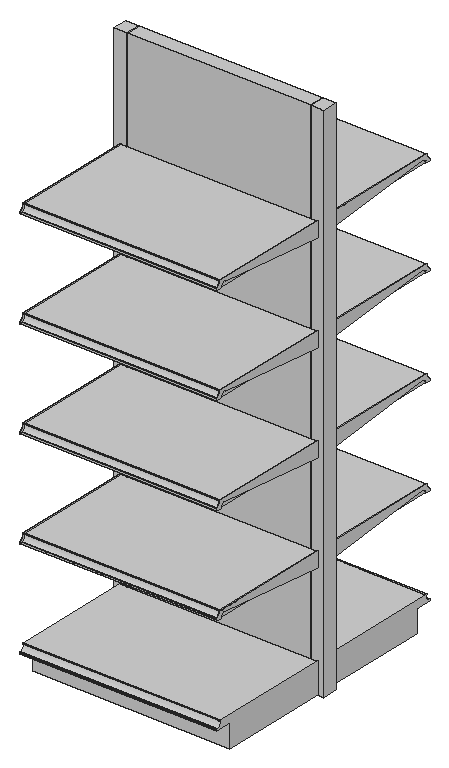
Revit family "ML1", category Specialty Equipment, Revit 2012
Parameters (values of type "Maxi Line Starter (Default)")
  Width = 3' - 0"
  URL = "http://madixinc.com/display/maxiline/core.html"
  Model = "Maxi Line"
  Manufacturer = "© 2012 Madix, Inc. All rights reserved."
  "Front" Base Shelf [instance] = yes
  "Front" Shelf 2' [instance] = yes
  "Front" Shelf 3' - 6" [instance] = yes
  "Front" Shelf 5' [instance] = yes
  "Front" Shelf 6' - 6" [instance] = yes
  "Back" Base Shelf [instance] = yes
  "Back" Shelf 2' [instance] = yes
  "Back" Shelf 3' - 6" [instance] = yes
  "Front" Shelf Depth = 1' - 10"
  "Back" Shelf 5' [instance] = yes
  "Back" Shelf Depth = 1' - 10"
  Upright Height = 8' - 0"
  "Back" Shelf 6' - 6" [instance] = yes
Reference planes (in)
  plane 1 "Center (Front/Back)": y = 0
  plane 2: z = 0
  plane 3 "Center (Left/Right)": x = 0
  plane 4: y = 1.375
  plane 5: y = -1.375
  plane 6: z = 96
  plane 7: z = 0
  plane 8 "1st shelf": z = 23.5
  plane 9 "2nd shelf": z = 41.5
  plane 10 "3rd shelf": z = 59.5
  plane 11 "4th shelf": z = 77.5
  plane 12: y = -24.25
  plane 13: x = -18
  plane 14: x = 18
  plane 15: x = -17.875
  plane 16: x = 17.875
  plane 17: z = 41.5
  plane 18: y = 24.25
  plane 19: y = 23.375
  plane 20: y = -23.375
Forms (in)
  Extrusion 1, solid, material "Metal - Steel"
    sketch origin (-24, 1.375, 0) x (1, 0, 0) y (0, 0, 1)
      loop
        line (6, 0) -> (7.25, 0) -> (42, 0) -> (43.25, 0) -> (43.25, 96) -> (40.75, 96) -> (40.75, 0.03125) -> (40.71924, 0.03125) -> (40.71924, 96) -> (7.2815, 96) -> (7.2815, 0.03125) -> (7.25, 0.03125) -> (7.25, 96) -> (4.75, 96) -> (4.75, 0) -> (6, 0)
    from 0 to 2.75
  Extrusion 2, solid, material "Metal - Steel", visible <- ""Front" Base Shelf"
    sketch origin (0, 0, 0) x (0, 1, 0) y (0, 0, 1)
      loop
        line (-1.375, 0) -> (-1.375, 5.5) -> (-23.375, 5.5) -> (-23.50139, 5.5) -> (-23.50139, 5.375) -> (-23.375, 5.375)
        arc (-23.375, 5.375) -> (-23.63696, 4.73714) -> (-24.125, 4.25) r 1.75
        line (-24.125, 4.25) -> (-24.125, 4.375) -> (-24.25, 4.375) -> (-24.25, 4.25) -> (-24.25, 4.125) -> (-21.375, 4.125) -> (-21.375, 0) -> (-1.375, 0)
    from -18 to 18
  Extrusion 3, solid, material "Metal - Steel", visible <- ""Front" Shelf 2'"
    sketch origin (0, 0, 0) x (0, 1, 0) y (0, 0, 1)
      loop
        line (-1.375, 23.5) -> (-23.5, 23.5) -> (-23.625, 23.5)
        arc (-23.625, 23.5) -> (-23.83033, 22.87796) -> (-24.25, 22.375) r 1.75
        line (-24.25, 22.375) -> (-24.25, 22.125) -> (-23.375, 22.125) -> (-23.375, 22.375) -> (-22.625, 23) -> (-22.375, 23) -> (-22.375, 22.875) -> (-1.375, 20.75) -> (-1.375, 23.5)
      loop
        circle (-20.375, 23) r 0.125
      loop
        circle (-2.5, 23) r 0.125
    from -18 to -17.875
  Extrusion 4, solid, material "Metal - Steel", visible <- ""Front" Shelf 2'"
    sketch origin (0, 0, 0) x (0, 1, 0) y (0, 0, 1)
      loop
        line (-23.5, 23.5) -> (-23.5, 23.375) -> (-23.375, 23.375)
        arc (-23.375, 23.375) -> (-23.58033, 22.75296) -> (-24, 22.25) r 1.75
        line (-24, 22.25) -> (-24, 22.375) -> (-24.125, 22.375) -> (-24.125, 22.125) -> (-23.375, 22.125) -> (-1.375, 22.125) -> (-1.375, 23.5) -> (-23.5, 23.5)
    from -17.875 to 17.875
  Extrusion 5, solid, material "Metal - Steel", visible <- ""Front" Shelf 2'"
    sketch origin (0, 0, 0) x (0, 1, 0) y (0, 0, -1)
      loop
        line (-1.375, -23.5) -> (-1.375, -20.75) -> (-22.375, -22.875) -> (-22.375, -23) -> (-22.625, -23) -> (-23.375, -22.375) -> (-23.375, -22.125) -> (-24.25, -22.125) -> (-24.25, -22.375)
        arc (-24.25, -22.375) -> (-23.83033, -22.87796) -> (-23.625, -23.5) r 1.75
        line (-23.625, -23.5) -> (-23.5, -23.5) -> (-1.375, -23.5)
      loop
        circle (-20.375, -23) r 0.125
      loop
        circle (-2.5, -23) r 0.125
    from -18 to -17.875
  Extrusion 6, solid, material "Metal - Steel", visible <- ""Front" Shelf 3' - 6""
    sketch origin (0, 0, 18) x (0, 1, 0) y (0, 0, 1)
      loop
        line (-1.375, 23.5) -> (-23.5, 23.5) -> (-23.625, 23.5)
        arc (-23.625, 23.5) -> (-23.83033, 22.87796) -> (-24.25, 22.375) r 1.75
        line (-24.25, 22.375) -> (-24.25, 22.125) -> (-23.375, 22.125) -> (-23.375, 22.375) -> (-22.625, 23) -> (-22.375, 23) -> (-22.375, 22.875) -> (-1.375, 20.75) -> (-1.375, 23.5)
      loop
        circle (-20.375, 23) r 0.125
      loop
        circle (-2.5, 23) r 0.125
    from -18 to -17.875
  Extrusion 7, solid, material "Metal - Steel", visible <- ""Front" Shelf 3' - 6""
    sketch origin (0, 0, 18) x (0, 1, 0) y (0, 0, 1)
      loop
        line (-23.5, 23.5) -> (-23.5, 23.375) -> (-23.375, 23.375)
        arc (-23.375, 23.375) -> (-23.58033, 22.75296) -> (-24, 22.25) r 1.75
        line (-24, 22.25) -> (-24, 22.375) -> (-24.25, 22.375) -> (-24.25, 22.125) -> (-23.375, 22.125) -> (-1.375, 22.125) -> (-1.375, 23.5) -> (-23.5, 23.5)
    from -17.875 to 17.875
  Extrusion 8, solid, material "Metal - Steel", visible <- ""Front" Shelf 3' - 6""
    sketch origin (0, 0, 18) x (0, 1, 0) y (0, 0, -1)
      loop
        line (-1.375, -23.5) -> (-1.375, -20.75) -> (-22.375, -22.875) -> (-22.375, -23) -> (-22.625, -23) -> (-23.375, -22.375) -> (-23.375, -22.125) -> (-24.25, -22.125) -> (-24.25, -22.375)
        arc (-24.25, -22.375) -> (-23.83033, -22.87796) -> (-23.625, -23.5) r 1.75
        line (-23.625, -23.5) -> (-23.5, -23.5) -> (-1.375, -23.5)
      loop
        circle (-20.375, -23) r 0.125
      loop
        circle (-2.5, -23) r 0.125
    from -18 to -17.875
  Extrusion 9, solid, material "Metal - Steel", visible <- ""Front" Shelf 5'"
    sketch origin (0, 0, 36) x (0, 1, 0) y (0, 0, 1)
      loop
        line (-1.375, 23.5) -> (-23.5, 23.5) -> (-23.625, 23.5)
        arc (-23.625, 23.5) -> (-23.83033, 22.87796) -> (-24.25, 22.375) r 1.75
        line (-24.25, 22.375) -> (-24.25, 22.125) -> (-23.375, 22.125) -> (-23.375, 22.375) -> (-22.625, 23) -> (-22.375, 23) -> (-22.375, 22.875) -> (-1.375, 20.75) -> (-1.375, 23.5)
      loop
        circle (-20.375, 23) r 0.125
      loop
        circle (-2.5, 23) r 0.125
    from -18 to -17.875
  Extrusion 10, solid, material "Metal - Steel", visible <- ""Front" Shelf 5'"
    sketch origin (0, 0, 36) x (0, 1, 0) y (0, 0, 1)
      loop
        line (-23.5, 23.5) -> (-23.5, 23.375) -> (-23.375, 23.375)
        arc (-23.375, 23.375) -> (-23.58033, 22.75296) -> (-24, 22.25) r 1.75
        line (-24, 22.25) -> (-24, 22.375) -> (-24.25, 22.375) -> (-24.25, 22.125) -> (-23.375, 22.125) -> (-1.375, 22.125) -> (-1.375, 23.5) -> (-23.5, 23.5)
    from -17.875 to 17.875
  Extrusion 11, solid, material "Metal - Steel", visible <- ""Front" Shelf 5'"
    sketch origin (0, 0, 36) x (0, 1, 0) y (0, 0, -1)
      loop
        line (-1.375, -23.5) -> (-1.375, -20.75) -> (-22.375, -22.875) -> (-22.375, -23) -> (-22.625, -23) -> (-23.375, -22.375) -> (-23.375, -22.125) -> (-24.25, -22.125) -> (-24.25, -22.375)
        arc (-24.25, -22.375) -> (-23.83033, -22.87796) -> (-23.625, -23.5) r 1.75
        line (-23.625, -23.5) -> (-23.5, -23.5) -> (-1.375, -23.5)
      loop
        circle (-20.375, -23) r 0.125
      loop
        circle (-2.5, -23) r 0.125
    from -18 to -17.875
  Extrusion 12, solid, material "Metal - Steel", visible <- ""Front" Shelf 6' - 6""
    sketch origin (0, 0, 54) x (0, 1, 0) y (0, 0, 1)
      loop
        line (-1.375, 23.5) -> (-23.5, 23.5) -> (-23.625, 23.5)
        arc (-23.625, 23.5) -> (-23.83033, 22.87796) -> (-24.25, 22.375) r 1.75
        line (-24.25, 22.375) -> (-24.25, 22.125) -> (-23.375, 22.125) -> (-23.375, 22.375) -> (-22.625, 23) -> (-22.375, 23) -> (-22.375, 22.875) -> (-1.375, 20.75) -> (-1.375, 23.5)
      loop
        circle (-20.375, 23) r 0.125
      loop
        circle (-2.5, 23) r 0.125
    from -18 to -17.875
  Extrusion 13, solid, material "Metal - Steel", visible <- ""Front" Shelf 6' - 6""
    sketch origin (0, 0, 54) x (0, 1, 0) y (0, 0, 1)
      loop
        line (-23.5, 23.5) -> (-23.5, 23.375) -> (-23.375, 23.375)
        arc (-23.375, 23.375) -> (-23.58033, 22.75296) -> (-24, 22.25) r 1.75
        line (-24, 22.25) -> (-24, 22.375) -> (-24.25, 22.375) -> (-24.25, 22.125) -> (-23.375, 22.125) -> (-1.375, 22.125) -> (-1.375, 23.5) -> (-23.5, 23.5)
    from -17.875 to 17.875
  Extrusion 14, solid, material "Metal - Steel", visible <- ""Front" Shelf 6' - 6""
    sketch origin (0, 0, 54) x (0, 1, 0) y (0, 0, -1)
      loop
        line (-1.375, -23.5) -> (-1.375, -20.75) -> (-22.375, -22.875) -> (-22.375, -23) -> (-22.625, -23) -> (-23.375, -22.375) -> (-23.375, -22.125) -> (-24.25, -22.125) -> (-24.25, -22.375)
        arc (-24.25, -22.375) -> (-23.83033, -22.87796) -> (-23.625, -23.5) r 1.75
        line (-23.625, -23.5) -> (-23.5, -23.5) -> (-1.375, -23.5)
      loop
        circle (-20.375, -23) r 0.125
      loop
        circle (-2.5, -23) r 0.125
    from -18 to -17.875
  Extrusion 15, solid, material "Metal - Steel", visible <- ""Back" Base Shelf"
    sketch origin (0, 0, 0) x (0, -1, 0) y (0, 0, -1)
      loop
        line (-1.375, 0) -> (-21.375, 0) -> (-21.375, -4.125) -> (-24.25, -4.125) -> (-24.25, -4.25) -> (-24.25, -4.375) -> (-24.125, -4.375) -> (-24.125, -4.25)
        arc (-24.125, -4.25) -> (-23.63696, -4.73714) -> (-23.375, -5.375) r 1.75
        line (-23.375, -5.375) -> (-23.50139, -5.375) -> (-23.50139, -5.5) -> (-23.375, -5.5) -> (-1.375, -5.5) -> (-1.375, 0)
    from -18 to 18
  Extrusion 16, solid, material "Metal - Steel", visible <- ""Back" Shelf 2'"
    sketch origin (0, 0, 0) x (0, -1, 0) y (0, 0, -1)
      loop
        line (-1.375, -23.5) -> (-1.375, -20.75) -> (-22.375, -22.875) -> (-22.375, -23) -> (-22.625, -23) -> (-23.375, -22.375) -> (-23.375, -22.125) -> (-24.25, -22.125) -> (-24.25, -22.375)
        arc (-24.25, -22.375) -> (-23.83033, -22.87796) -> (-23.625, -23.5) r 1.75
        line (-23.625, -23.5) -> (-23.5, -23.5) -> (-1.375, -23.5)
      loop
        circle (-20.375, -23) r 0.125
      loop
        circle (-2.5, -23) r 0.125
    from -18 to -17.875
  Extrusion 17, solid, material "Metal - Steel", visible <- ""Back" Shelf 2'"
    sketch origin (0, 0, 0) x (0, -1, 0) y (0, 0, -1)
      loop
        line (-23.5, -23.5) -> (-1.375, -23.5) -> (-1.375, -22.125) -> (-23.375, -22.125) -> (-24.125, -22.125) -> (-24.125, -22.375) -> (-24, -22.375) -> (-24, -22.25)
        arc (-24, -22.25) -> (-23.58033, -22.75296) -> (-23.375, -23.375) r 1.75
        line (-23.375, -23.375) -> (-23.5, -23.375) -> (-23.5, -23.5)
    from -17.875 to 17.875
  Extrusion 18, solid, material "Metal - Steel", visible <- ""Back" Shelf 2'"
    sketch origin (0, 0, 0) x (0, -1, 0) y (0, 0, 1)
      loop
        line (-1.375, 23.5) -> (-23.5, 23.5) -> (-23.625, 23.5)
        arc (-23.625, 23.5) -> (-23.83033, 22.87796) -> (-24.25, 22.375) r 1.75
        line (-24.25, 22.375) -> (-24.25, 22.125) -> (-23.375, 22.125) -> (-23.375, 22.375) -> (-22.625, 23) -> (-22.375, 23) -> (-22.375, 22.875) -> (-1.375, 20.75) -> (-1.375, 23.5)
      loop
        circle (-20.375, 23) r 0.125
      loop
        circle (-2.5, 23) r 0.125
    from -18 to -17.875
  Extrusion 19, solid, material "Metal - Steel", visible <- ""Back" Shelf 3' - 6""
    sketch origin (0, 0, 18) x (0, -1, 0) y (0, 0, -1)
      loop
        line (-1.375, -23.5) -> (-1.375, -20.75) -> (-22.375, -22.875) -> (-22.375, -23) -> (-22.625, -23) -> (-23.375, -22.375) -> (-23.375, -22.125) -> (-24.25, -22.125) -> (-24.25, -22.375)
        arc (-24.25, -22.375) -> (-23.83033, -22.87796) -> (-23.625, -23.5) r 1.75
        line (-23.625, -23.5) -> (-23.5, -23.5) -> (-1.375, -23.5)
      loop
        circle (-20.375, -23) r 0.125
      loop
        circle (-2.5, -23) r 0.125
    from -18 to -17.875
  Extrusion 20, solid, material "Metal - Steel", visible <- ""Back" Shelf 3' - 6""
    sketch origin (0, 0, 18) x (0, -1, 0) y (0, 0, -1)
      loop
        line (-23.5, -23.5) -> (-1.375, -23.5) -> (-1.375, -22.125) -> (-23.375, -22.125) -> (-24.25, -22.125) -> (-24.25, -22.375) -> (-24, -22.375) -> (-24, -22.25)
        arc (-24, -22.25) -> (-23.58033, -22.75296) -> (-23.375, -23.375) r 1.75
        line (-23.375, -23.375) -> (-23.5, -23.375) -> (-23.5, -23.5)
    from -17.875 to 17.875
  Extrusion 21, solid, material "Metal - Steel", visible <- ""Back" Shelf 3' - 6""
    sketch origin (0, 0, 18) x (0, -1, 0) y (0, 0, 1)
      loop
        line (-1.375, 23.5) -> (-23.5, 23.5) -> (-23.625, 23.5)
        arc (-23.625, 23.5) -> (-23.83033, 22.87796) -> (-24.25, 22.375) r 1.75
        line (-24.25, 22.375) -> (-24.25, 22.125) -> (-23.375, 22.125) -> (-23.375, 22.375) -> (-22.625, 23) -> (-22.375, 23) -> (-22.375, 22.875) -> (-1.375, 20.75) -> (-1.375, 23.5)
      loop
        circle (-20.375, 23) r 0.125
      loop
        circle (-2.5, 23) r 0.125
    from -18 to -17.875
  Extrusion 22, solid, material "Metal - Steel", visible <- ""Back" Shelf 5'"
    sketch origin (0, 0, 36) x (0, -1, 0) y (0, 0, -1)
      loop
        line (-1.375, -23.5) -> (-1.375, -20.75) -> (-22.375, -22.875) -> (-22.375, -23) -> (-22.625, -23) -> (-23.375, -22.375) -> (-23.375, -22.125) -> (-24.25, -22.125) -> (-24.25, -22.375)
        arc (-24.25, -22.375) -> (-23.83033, -22.87796) -> (-23.625, -23.5) r 1.75
        line (-23.625, -23.5) -> (-23.5, -23.5) -> (-1.375, -23.5)
      loop
        circle (-20.375, -23) r 0.125
      loop
        circle (-2.5, -23) r 0.125
    from -18 to -17.875
  Extrusion 23, solid, material "Metal - Steel", visible <- ""Back" Shelf 5'"
    sketch origin (0, 0, 36) x (0, -1, 0) y (0, 0, -1)
      loop
        line (-23.5, -23.5) -> (-1.375, -23.5) -> (-1.375, -22.125) -> (-23.375, -22.125) -> (-24.25, -22.125) -> (-24.25, -22.375) -> (-24, -22.375) -> (-24, -22.25)
        arc (-24, -22.25) -> (-23.58033, -22.75296) -> (-23.375, -23.375) r 1.75
        line (-23.375, -23.375) -> (-23.5, -23.375) -> (-23.5, -23.5)
    from -17.875 to 17.875
  Extrusion 24, solid, material "Metal - Steel", visible <- ""Back" Shelf 5'"
    sketch origin (0, 0, 36) x (0, -1, 0) y (0, 0, 1)
      loop
        line (-1.375, 23.5) -> (-23.5, 23.5) -> (-23.625, 23.5)
        arc (-23.625, 23.5) -> (-23.83033, 22.87796) -> (-24.25, 22.375) r 1.75
        line (-24.25, 22.375) -> (-24.25, 22.125) -> (-23.375, 22.125) -> (-23.375, 22.375) -> (-22.625, 23) -> (-22.375, 23) -> (-22.375, 22.875) -> (-1.375, 20.75) -> (-1.375, 23.5)
      loop
        circle (-20.375, 23) r 0.125
      loop
        circle (-2.5, 23) r 0.125
    from -18 to -17.875
  Extrusion 25, solid, material "Metal - Steel", visible <- ""Back" Shelf 6' - 6""
    sketch origin (0, 0, 54) x (0, -1, 0) y (0, 0, -1)
      loop
        line (-1.375, -23.5) -> (-1.375, -20.75) -> (-22.375, -22.875) -> (-22.375, -23) -> (-22.625, -23) -> (-23.375, -22.375) -> (-23.375, -22.125) -> (-24.25, -22.125) -> (-24.25, -22.375)
        arc (-24.25, -22.375) -> (-23.83033, -22.87796) -> (-23.625, -23.5) r 1.75
        line (-23.625, -23.5) -> (-23.5, -23.5) -> (-1.375, -23.5)
      loop
        circle (-20.375, -23) r 0.125
      loop
        circle (-2.5, -23) r 0.125
    from -18 to -17.875
  Extrusion 26, solid, material "Metal - Steel", visible <- ""Back" Shelf 6' - 6""
    sketch origin (0, 0, 54) x (0, -1, 0) y (0, 0, -1)
      loop
        line (-23.5, -23.5) -> (-1.375, -23.5) -> (-1.375, -22.125) -> (-23.375, -22.125) -> (-24.25, -22.125) -> (-24.25, -22.375) -> (-24, -22.375) -> (-24, -22.25)
        arc (-24, -22.25) -> (-23.58033, -22.75296) -> (-23.375, -23.375) r 1.75
        line (-23.375, -23.375) -> (-23.5, -23.375) -> (-23.5, -23.5)
    from -17.875 to 17.875
  Extrusion 27, solid, material "Metal - Steel", visible <- ""Back" Shelf 6' - 6""
    sketch origin (0, 0, 54) x (0, -1, 0) y (0, 0, 1)
      loop
        line (-1.375, 23.5) -> (-23.5, 23.5) -> (-23.625, 23.5)
        arc (-23.625, 23.5) -> (-23.83033, 22.87796) -> (-24.25, 22.375) r 1.75
        line (-24.25, 22.375) -> (-24.25, 22.125) -> (-23.375, 22.125) -> (-23.375, 22.375) -> (-22.625, 23) -> (-22.375, 23) -> (-22.375, 22.875) -> (-1.375, 20.75) -> (-1.375, 23.5)
      loop
        circle (-20.375, 23) r 0.125
      loop
        circle (-2.5, 23) r 0.125
    from -18 to -17.875
Lines and regions (in)
  Split face 1
    outline origin (-24, -1.375, 0) x (1, 0, 0) y (0, 0, 1)
      loop
        line (7.2815, 96) -> (7.2815, 0.03125) -> (40.71924, 0.03125) -> (40.71924, 96)
  Split face 2
    outline origin (-24, 1.375, 0) x (1, 0, 0) y (0, 0, 1)
      loop
        line (40.71924, 96) -> (40.71924, 0.03125) -> (7.2815, 0.03125) -> (7.2815, 96)
  reference lines
    curve 1: line (-16.75, 0, 59.5) -> (16.71875, 0, 59.5)
    curve 2: line (16.71875, 0, 77.5) -> (-16.71875, 0, 77.5)
Dimensions and locks (in)
  "Upright Height": plane 6 to level
  ""Front" Shelf Depth": plane 20 to plane 5
  equal spacing: plane 13, plane 3 "Center (Left/Right)", plane 14
  "Width": plane 13 to plane 14
  locked: plane 13 to plane 15 at 0.125
  locked: plane 16 to plane 14 at 0.125
  ""Back" Shelf Depth": plane 4 to plane 19
  locked: plane 19 to plane 18 at 0.875
  locked: plane 20 to plane 12 at 0.875
  aligned and locked: level to plane 2
  aligned and locked: plane 12 to Extrusion 2
  aligned and locked: Extrusion 2 to plane 5
  aligned and locked: plane 13 to Extrusion 2
  aligned and locked: plane 14 to Extrusion 2
  aligned and locked: Extrusion 4 to Extrusion 5
  aligned and locked: Extrusion 3 to Extrusion 2
  aligned and locked: Extrusion 3 to plane 15
  aligned and locked: Extrusion 4 to Extrusion 3
  aligned and locked: Extrusion 5 to Extrusion 2
  aligned and locked: plane 16 to Extrusion 5
  aligned and locked: Extrusion 7 to Extrusion 8
  aligned and locked: Extrusion 7 to Extrusion 6
  aligned and locked: Extrusion 6 to Extrusion 3
  aligned and locked: Extrusion 8 to Extrusion 4
  aligned and locked: Extrusion 8 to Extrusion 2
  aligned and locked: Extrusion 2 to Extrusion 7
  aligned and locked: Extrusion 6 to plane 15
  aligned and locked: Extrusion 6 to Extrusion 2
  aligned and locked: Extrusion 10 to Extrusion 11
  aligned and locked: Extrusion 10 to Extrusion 9
  aligned and locked: Extrusion 9 to Extrusion 3
  aligned and locked: Extrusion 2 to Extrusion 10
  aligned and locked: Extrusion 11 to Extrusion 2
  aligned and locked: Extrusion 11 to Extrusion 4
  aligned and locked: Extrusion 9 to Extrusion 2
  aligned and locked: Extrusion 13 to Extrusion 14
  aligned and locked: Extrusion 13 to Extrusion 12
  aligned and locked: Extrusion 12 to Extrusion 2
  aligned and locked: Extrusion 12 to Extrusion 3
  aligned and locked: Extrusion 2 to Extrusion 13
  aligned and locked: Extrusion 14 to Extrusion 2
  aligned and locked: Extrusion 14 to Extrusion 4
  aligned and locked: Extrusion 15 to Extrusion 2
  aligned and locked: Extrusion 2 to Extrusion 15
  aligned and locked: plane 13 to Extrusion 15
  aligned and locked: Extrusion 18 to Extrusion 17
  aligned and locked: Extrusion 16 to Extrusion 17
  aligned and locked: Extrusion 15 to plane 18
  aligned and locked: plane 15 to Extrusion 16
  aligned and locked: Extrusion 18 to Extrusion 4
  aligned and locked: Extrusion 16 to Extrusion 2
  aligned and locked: Extrusion 21 to Extrusion 20
  aligned and locked: Extrusion 19 to Extrusion 20
  aligned and locked: Extrusion 15 to Extrusion 20
  aligned and locked: plane 15 to Extrusion 19
  aligned and locked: plane 13 to Extrusion 19
  aligned and locked: Extrusion 21 to plane 14
  aligned and locked: Extrusion 21 to plane 16
  aligned and locked: Extrusion 24 to Extrusion 23
  aligned and locked: Extrusion 22 to Extrusion 23
  aligned and locked: Extrusion 15 to Extrusion 23
  aligned and locked: Extrusion 24 to plane 16
  aligned and locked: Extrusion 24 to plane 14
  aligned and locked: plane 15 to Extrusion 22
  aligned and locked: plane 13 to Extrusion 22
  aligned and locked: Extrusion 27 to Extrusion 26
  aligned and locked: Extrusion 25 to Extrusion 26
  aligned and locked: Extrusion 15 to Extrusion 26
  aligned and locked: plane 13 to Extrusion 25
  aligned and locked: plane 15 to Extrusion 25
  aligned and locked: Extrusion 27 to plane 14
  aligned and locked: Extrusion 27 to plane 16
  aligned and locked: Extrusion 1 to plane 6  (x2)
  aligned and locked: plane 19 to Extrusion 15
  aligned and locked: plane 20 to Extrusion 2
Automatic sketch dimensions
  curve 1 to plane 10 "3rd shelf" = 0' - 0"
  curve 2 to plane 11 "4th shelf" = 0' - 0"
  plane 15 to curve 1 = 0' - 1 1/8"
  plane 15 to curve 2 = 0' - 1 5/32"
  plane 16 to curve 2 = 0' - 1 5/32"
  plane 16 to curve 1 = 0' - 1 5/32"
  Extrusion 2 sketch curve to plane 12 = 0' - 0"
  Extrusion 2 sketch curve to level = 0' - 0"
  Extrusion 2 sketch curve to plane 5 = 0' - 0"
  Extrusion 2 sketch curve to plane 12 = 0' - 0.84305"
  plane 12 to Extrusion 2 sketch curve = 0' - 0 1/8"
  plane 12 to Extrusion 2 sketch curve = 0' - 0.74861"
  Extrusion 2 sketch curve to Extrusion 2 sketch curve = 0' - 0.12639"
  Extrusion 2 sketch curve to Extrusion 2 sketch curve = 0' - 0"
  plane 12 to Extrusion 2 sketch curve = 0' - 2 7/8"
  level to Extrusion 2 sketch curve = 0' - 4 1/8"
  Extrusion 2 sketch curve to Extrusion 2 sketch curve = 0' - 0 1/8"  (x4)
  Extrusion 2 sketch curve to Extrusion 2 sketch curve = 0' - 1"
  Extrusion 3 sketch curve to plane 12 = 0' - 0"
  Extrusion 3 sketch curve to plane 8 "1st shelf" = 0' - 0"
  Extrusion 3 sketch curve to plane 5 = 0' - 0"
  plane 8 "1st shelf" to Extrusion 3 sketch curve = 0' - 0.22784"
  Extrusion 3 sketch curve to plane 12 = 0' - 1.11011"
  plane 12 to Extrusion 3 sketch curve = 0' - 0 5/8"
  Extrusion 3 sketch curve to Extrusion 3 sketch curve = 0' - 0 1/8"  (x2)
  plane 12 to Extrusion 3 sketch curve = 0' - 0 7/8"
  Extrusion 3 sketch curve to Extrusion 3 sketch curve = 0' - 0 3/4"
  Extrusion 3 sketch curve to Extrusion 3 sketch curve = 0' - 0 1/4"  (x2)
  Extrusion 3 sketch curve to plane 8 "1st shelf" = 0' - 0 1/2"  (x2)
  Extrusion 3 sketch curve to Extrusion 3 sketch curve = 0' - 2"
  plane 5 to Extrusion 3 sketch curve = 0' - 1 1/8"
  Extrusion 3 sketch curve to Extrusion 3 sketch curve = 0' - 0"
  Extrusion 3 sketch curve to Extrusion 3 sketch curve = 0' - 2 1/4"
  Extrusion 3 sketch curve to plane 8 "1st shelf" = 0' - 0 5/8"
  Extrusion 4 sketch curve to plane 8 "1st shelf" = 0' - 0"
  Extrusion 4 sketch curve to plane 5 = 0' - 0"
  plane 12 to Extrusion 4 sketch curve = 0' - 0 7/8"  (x2)
  Extrusion 4 sketch curve to plane 8 "1st shelf" = 0' - 0 1/8"
  Extrusion 4 sketch curve to Extrusion 4 sketch curve = 0' - 0 1/8"  (x3)
  plane 12 to Extrusion 4 sketch curve = 0' - 0 1/4"
  plane 12 to Extrusion 4 sketch curve = 0' - 0 1/8"
  plane 8 "1st shelf" to Extrusion 4 sketch curve = 0' - 0.10284"
  Extrusion 4 sketch curve to plane 12 = 0' - 0.86011"
  Extrusion 5 sketch curve to plane 12 = 0' - 0"
  Extrusion 5 sketch curve to plane 8 "1st shelf" = 0' - 0"
  Extrusion 5 sketch curve to plane 5 = 0' - 0"
  plane 8 "1st shelf" to Extrusion 5 sketch curve = 0' - 0.22784"
  Extrusion 5 sketch curve to plane 12 = 0' - 1.11011"
  plane 12 to Extrusion 5 sketch curve = 0' - 0 5/8"
  Extrusion 5 sketch curve to Extrusion 5 sketch curve = 0' - 0 1/8"  (x2)
  plane 12 to Extrusion 5 sketch curve = 0' - 0 7/8"
  Extrusion 5 sketch curve to Extrusion 5 sketch curve = 0' - 0 3/4"
  Extrusion 5 sketch curve to Extrusion 5 sketch curve = 0' - 0 1/4"  (x2)
  Extrusion 5 sketch curve to plane 8 "1st shelf" = 0' - 0 1/2"  (x3)
  Extrusion 5 sketch curve to Extrusion 5 sketch curve = 0' - 2"
  plane 5 to Extrusion 5 sketch curve = 0' - 1 1/8"
  Extrusion 5 sketch curve to Extrusion 5 sketch curve = 0' - 0"
  Extrusion 5 sketch curve to Extrusion 5 sketch curve = 0' - 2 1/4"
  Extrusion 6 sketch curve to plane 12 = 0' - 0"
  Extrusion 6 sketch curve to plane 9 "2nd shelf" = 0' - 0"
  Extrusion 6 sketch curve to plane 5 = 0' - 0"
  plane 9 "2nd shelf" to Extrusion 6 sketch curve = 0' - 0.22784"
  Extrusion 6 sketch curve to plane 12 = 0' - 1.11011"
  plane 12 to Extrusion 6 sketch curve = 0' - 0 5/8"
  Extrusion 6 sketch curve to Extrusion 6 sketch curve = 0' - 0 1/8"  (x2)
  plane 12 to Extrusion 6 sketch curve = 0' - 0 7/8"
  Extrusion 6 sketch curve to Extrusion 6 sketch curve = 0' - 0 3/4"
  Extrusion 6 sketch curve to Extrusion 6 sketch curve = 0' - 0 1/4"  (x2)
  Extrusion 6 sketch curve to plane 9 "2nd shelf" = 0' - 0 1/2"  (x2)
  Extrusion 6 sketch curve to Extrusion 6 sketch curve = 0' - 2"
  plane 5 to Extrusion 6 sketch curve = 0' - 1 1/8"
  Extrusion 6 sketch curve to Extrusion 6 sketch curve = 0' - 0"
  Extrusion 6 sketch curve to Extrusion 6 sketch curve = 0' - 2 1/4"
  Extrusion 6 sketch curve to plane 9 "2nd shelf" = 0' - 0 5/8"
  Extrusion 7 sketch curve to plane 12 = 0' - 0"
  Extrusion 7 sketch curve to plane 9 "2nd shelf" = 0' - 0"
  Extrusion 7 sketch curve to plane 5 = 0' - 0"
  plane 9 "2nd shelf" to Extrusion 7 sketch curve = 0' - 0.10284"
  Extrusion 7 sketch curve to plane 12 = 0' - 0.86011"
  plane 12 to Extrusion 7 sketch curve = 0' - 0 1/4"
  plane 12 to Extrusion 7 sketch curve = 0' - 0 3/4"
  Extrusion 7 sketch curve to Extrusion 7 sketch curve = 0' - 0 5/8"
  Extrusion 7 sketch curve to Extrusion 7 sketch curve = 0' - 0 1/8"  (x2)
  Extrusion 7 sketch curve to plane 9 "2nd shelf" = 0' - 0 1/8"
  Extrusion 7 sketch curve to Extrusion 7 sketch curve = 0' - 0 1/4"
  Extrusion 8 sketch curve to plane 12 = 0' - 0"
  Extrusion 8 sketch curve to plane 9 "2nd shelf" = 0' - 0"
  Extrusion 8 sketch curve to plane 5 = 0' - 0"
  plane 9 "2nd shelf" to Extrusion 8 sketch curve = 0' - 0.22784"
  Extrusion 8 sketch curve to plane 12 = 0' - 1.11011"
  plane 12 to Extrusion 8 sketch curve = 0' - 0 5/8"
  Extrusion 8 sketch curve to Extrusion 8 sketch curve = 0' - 0 1/8"  (x2)
  plane 12 to Extrusion 8 sketch curve = 0' - 0 7/8"
  Extrusion 8 sketch curve to Extrusion 8 sketch curve = 0' - 0 3/4"
  Extrusion 8 sketch curve to Extrusion 8 sketch curve = 0' - 0 1/4"  (x2)
  Extrusion 8 sketch curve to plane 9 "2nd shelf" = 0' - 0 1/2"  (x3)
  Extrusion 8 sketch curve to Extrusion 8 sketch curve = 0' - 2"
  plane 5 to Extrusion 8 sketch curve = 0' - 1 1/8"
  Extrusion 8 sketch curve to Extrusion 8 sketch curve = 0' - 0"
  Extrusion 8 sketch curve to Extrusion 8 sketch curve = 0' - 2 1/4"
  Extrusion 9 sketch curve to plane 12 = 0' - 0"
  Extrusion 9 sketch curve to plane 10 "3rd shelf" = 0' - 0"
  Extrusion 9 sketch curve to plane 5 = 0' - 0"
  plane 10 "3rd shelf" to Extrusion 9 sketch curve = 0' - 0.22784"
  Extrusion 9 sketch curve to plane 12 = 0' - 1.11011"
  plane 12 to Extrusion 9 sketch curve = 0' - 0 5/8"
  Extrusion 9 sketch curve to Extrusion 9 sketch curve = 0' - 0 1/8"  (x2)
  plane 12 to Extrusion 9 sketch curve = 0' - 0 7/8"
  Extrusion 9 sketch curve to Extrusion 9 sketch curve = 0' - 0 3/4"
  Extrusion 9 sketch curve to Extrusion 9 sketch curve = 0' - 0 1/4"  (x2)
  Extrusion 9 sketch curve to plane 10 "3rd shelf" = 0' - 0 1/2"  (x2)
  Extrusion 9 sketch curve to Extrusion 9 sketch curve = 0' - 2"
  plane 5 to Extrusion 9 sketch curve = 0' - 1 1/8"
  Extrusion 9 sketch curve to Extrusion 9 sketch curve = 0' - 0"
  Extrusion 9 sketch curve to Extrusion 9 sketch curve = 0' - 2 1/4"
  Extrusion 9 sketch curve to plane 10 "3rd shelf" = 0' - 0 5/8"
  Extrusion 10 sketch curve to plane 12 = 0' - 0"
  Extrusion 10 sketch curve to plane 10 "3rd shelf" = 0' - 0"
  Extrusion 10 sketch curve to plane 5 = 0' - 0"
  plane 10 "3rd shelf" to Extrusion 10 sketch curve = 0' - 0.10284"
  Extrusion 10 sketch curve to plane 12 = 0' - 0.86011"
  plane 12 to Extrusion 10 sketch curve = 0' - 0 1/4"
  plane 12 to Extrusion 10 sketch curve = 0' - 0 3/4"
  Extrusion 10 sketch curve to Extrusion 10 sketch curve = 0' - 0 5/8"
  Extrusion 10 sketch curve to Extrusion 10 sketch curve = 0' - 0 1/8"  (x2)
  Extrusion 10 sketch curve to plane 10 "3rd shelf" = 0' - 0 1/8"
  Extrusion 10 sketch curve to Extrusion 10 sketch curve = 0' - 0 1/4"
  Extrusion 11 sketch curve to plane 12 = 0' - 0"
  Extrusion 11 sketch curve to plane 10 "3rd shelf" = 0' - 0"
  Extrusion 11 sketch curve to plane 5 = 0' - 0"
  plane 10 "3rd shelf" to Extrusion 11 sketch curve = 0' - 0.22784"
  Extrusion 11 sketch curve to plane 12 = 0' - 1.11011"
  plane 12 to Extrusion 11 sketch curve = 0' - 0 5/8"
  Extrusion 11 sketch curve to Extrusion 11 sketch curve = 0' - 0 1/8"  (x2)
  plane 12 to Extrusion 11 sketch curve = 0' - 0 7/8"
  Extrusion 11 sketch curve to Extrusion 11 sketch curve = 0' - 0 3/4"
  Extrusion 11 sketch curve to Extrusion 11 sketch curve = 0' - 0 1/4"  (x2)
  Extrusion 11 sketch curve to plane 10 "3rd shelf" = 0' - 0 1/2"  (x3)
  Extrusion 11 sketch curve to Extrusion 11 sketch curve = 0' - 2"
  plane 5 to Extrusion 11 sketch curve = 0' - 1 1/8"
  Extrusion 11 sketch curve to Extrusion 11 sketch curve = 0' - 0"
  Extrusion 11 sketch curve to Extrusion 11 sketch curve = 0' - 2 1/4"
  Extrusion 12 sketch curve to plane 12 = 0' - 0"
  Extrusion 12 sketch curve to plane 11 "4th shelf" = 0' - 0"
  Extrusion 12 sketch curve to plane 5 = 0' - 0"
  plane 11 "4th shelf" to Extrusion 12 sketch curve = 0' - 0.22784"
  Extrusion 12 sketch curve to plane 12 = 0' - 1.11011"
  plane 12 to Extrusion 12 sketch curve = 0' - 0 5/8"
  Extrusion 12 sketch curve to Extrusion 12 sketch curve = 0' - 0 1/8"  (x2)
  plane 12 to Extrusion 12 sketch curve = 0' - 0 7/8"
  Extrusion 12 sketch curve to Extrusion 12 sketch curve = 0' - 0 3/4"
  Extrusion 12 sketch curve to Extrusion 12 sketch curve = 0' - 0 1/4"  (x2)
  Extrusion 12 sketch curve to plane 11 "4th shelf" = 0' - 0 1/2"  (x2)
  Extrusion 12 sketch curve to Extrusion 12 sketch curve = 0' - 2"
  plane 5 to Extrusion 12 sketch curve = 0' - 1 1/8"
  Extrusion 12 sketch curve to Extrusion 12 sketch curve = 0' - 0"
  Extrusion 12 sketch curve to Extrusion 12 sketch curve = 0' - 2 1/4"
  Extrusion 12 sketch curve to plane 11 "4th shelf" = 0' - 0 5/8"
  Extrusion 13 sketch curve to plane 12 = 0' - 0"
  Extrusion 13 sketch curve to plane 11 "4th shelf" = 0' - 0"
  Extrusion 13 sketch curve to plane 5 = 0' - 0"
  plane 11 "4th shelf" to Extrusion 13 sketch curve = 0' - 0.10284"
  Extrusion 13 sketch curve to plane 12 = 0' - 0.86011"
  plane 12 to Extrusion 13 sketch curve = 0' - 0 1/4"
  plane 12 to Extrusion 13 sketch curve = 0' - 0 3/4"
  Extrusion 13 sketch curve to Extrusion 13 sketch curve = 0' - 0 5/8"
  Extrusion 13 sketch curve to Extrusion 13 sketch curve = 0' - 0 1/8"  (x2)
  Extrusion 13 sketch curve to plane 11 "4th shelf" = 0' - 0 1/8"
  Extrusion 13 sketch curve to Extrusion 13 sketch curve = 0' - 0 1/4"
  Extrusion 14 sketch curve to plane 12 = 0' - 0"
  Extrusion 14 sketch curve to plane 11 "4th shelf" = 0' - 0"
  Extrusion 14 sketch curve to plane 5 = 0' - 0"
  plane 11 "4th shelf" to Extrusion 14 sketch curve = 0' - 0.22784"
  Extrusion 14 sketch curve to plane 12 = 0' - 1.11011"
  plane 12 to Extrusion 14 sketch curve = 0' - 0 5/8"
  Extrusion 14 sketch curve to Extrusion 14 sketch curve = 0' - 0 1/8"  (x2)
  plane 12 to Extrusion 14 sketch curve = 0' - 0 7/8"
  Extrusion 14 sketch curve to Extrusion 14 sketch curve = 0' - 0 3/4"
  Extrusion 14 sketch curve to Extrusion 14 sketch curve = 0' - 0 1/4"  (x2)
  Extrusion 14 sketch curve to plane 11 "4th shelf" = 0' - 0 1/2"  (x3)
  Extrusion 14 sketch curve to Extrusion 14 sketch curve = 0' - 2"
  plane 5 to Extrusion 14 sketch curve = 0' - 1 1/8"
  Extrusion 14 sketch curve to Extrusion 14 sketch curve = 0' - 0"
  Extrusion 14 sketch curve to Extrusion 14 sketch curve = 0' - 2 1/4"
  Extrusion 15 sketch curve to plane 18 = 0' - 0"
  Extrusion 15 sketch curve to level = 0' - 0"
  Extrusion 15 sketch curve to plane 4 = 0' - 0"
  plane 18 to Extrusion 15 sketch curve = 0' - 0.84305"
  Extrusion 15 sketch curve to plane 18 = 0' - 0 1/8"
  Extrusion 15 sketch curve to plane 18 = 0' - 0.74861"
  Extrusion 15 sketch curve to Extrusion 15 sketch curve = 0' - 0.12639"
  Extrusion 15 sketch curve to Extrusion 15 sketch curve = 0' - 0"  (x2)
  Extrusion 15 sketch curve to plane 18 = 0' - 2 7/8"
  Extrusion 15 sketch curve to level = 0' - 4 1/8"
  Extrusion 15 sketch curve to Extrusion 15 sketch curve = 0' - 0 1/8"  (x3)
  Extrusion 15 sketch curve to Extrusion 15 sketch curve = 0' - 1"
  Extrusion 16 sketch curve to plane 18 = 0' - 0"
  Extrusion 16 sketch curve to plane 8 "1st shelf" = 0' - 0"
  Extrusion 16 sketch curve to plane 4 = 0' - 0"
  Extrusion 16 sketch curve to plane 8 "1st shelf" = 0' - 0.22784"
  plane 18 to Extrusion 16 sketch curve = 0' - 1.11011"
  Extrusion 16 sketch curve to plane 18 = 0' - 0 5/8"
  Extrusion 16 sketch curve to Extrusion 16 sketch curve = 0' - 0 1/8"  (x2)
  Extrusion 16 sketch curve to Extrusion 16 sketch curve = 0' - 0 7/8"
  Extrusion 16 sketch curve to Extrusion 16 sketch curve = 0' - 0 3/4"
  Extrusion 16 sketch curve to Extrusion 16 sketch curve = 0' - 0 1/4"  (x2)
  plane 8 "1st shelf" to Extrusion 16 sketch curve = 0' - 0 1/2"  (x2)
  Extrusion 16 sketch curve to Extrusion 16 sketch curve = 0' - 2"
  Extrusion 16 sketch curve to plane 4 = 0' - 1 1/8"
  Extrusion 16 sketch curve to Extrusion 16 sketch curve = 0' - 0"
  Extrusion 16 sketch curve to Extrusion 16 sketch curve = 0' - 2 1/4"
  plane 8 "1st shelf" to Extrusion 16 sketch curve = 0' - 0 5/8"
  Extrusion 17 sketch curve to plane 8 "1st shelf" = 0' - 0"
  Extrusion 17 sketch curve to plane 4 = 0' - 0"
  Extrusion 17 sketch curve to plane 18 = 0' - 0 7/8"  (x2)
  plane 8 "1st shelf" to Extrusion 17 sketch curve = 0' - 0 1/8"
  Extrusion 17 sketch curve to Extrusion 17 sketch curve = 0' - 0 1/8"  (x3)
  Extrusion 17 sketch curve to plane 18 = 0' - 0 1/4"
  Extrusion 17 sketch curve to plane 18 = 0' - 0 1/8"
  Extrusion 17 sketch curve to plane 8 "1st shelf" = 0' - 0.10284"
  plane 18 to Extrusion 17 sketch curve = 0' - 0.86011"
  Extrusion 18 sketch curve to plane 18 = 0' - 0"
  Extrusion 18 sketch curve to plane 8 "1st shelf" = 0' - 0"
  Extrusion 18 sketch curve to plane 4 = 0' - 0"
  plane 8 "1st shelf" to Extrusion 18 sketch curve = 0' - 0.22784"
  Extrusion 18 sketch curve to plane 18 = 0' - 1.11011"
  plane 18 to Extrusion 18 sketch curve = 0' - 0 5/8"
  Extrusion 18 sketch curve to Extrusion 18 sketch curve = 0' - 0 1/8"  (x2)
  Extrusion 18 sketch curve to Extrusion 18 sketch curve = 0' - 0 7/8"
  Extrusion 18 sketch curve to Extrusion 18 sketch curve = 0' - 0 3/4"
  Extrusion 18 sketch curve to Extrusion 18 sketch curve = 0' - 0 1/4"  (x2)
  Extrusion 18 sketch curve to plane 8 "1st shelf" = 0' - 0 1/2"  (x2)
  Extrusion 18 sketch curve to Extrusion 18 sketch curve = 0' - 2"
  plane 4 to Extrusion 18 sketch curve = 0' - 1 1/8"
  Extrusion 18 sketch curve to Extrusion 18 sketch curve = 0' - 0"
  Extrusion 18 sketch curve to Extrusion 18 sketch curve = 0' - 2 1/4"
  Extrusion 18 sketch curve to plane 8 "1st shelf" = 0' - 0 5/8"
  Extrusion 19 sketch curve to plane 18 = 0' - 0"
  Extrusion 19 sketch curve to plane 9 "2nd shelf" = 0' - 0"
  Extrusion 19 sketch curve to plane 4 = 0' - 0"
  Extrusion 19 sketch curve to plane 9 "2nd shelf" = 0' - 0.22784"
  plane 18 to Extrusion 19 sketch curve = 0' - 1.11011"
  Extrusion 19 sketch curve to plane 18 = 0' - 0 5/8"
  Extrusion 19 sketch curve to Extrusion 19 sketch curve = 0' - 0 1/8"  (x2)
  Extrusion 19 sketch curve to Extrusion 19 sketch curve = 0' - 0 7/8"
  Extrusion 19 sketch curve to Extrusion 19 sketch curve = 0' - 0 3/4"
  Extrusion 19 sketch curve to Extrusion 19 sketch curve = 0' - 0 1/4"  (x2)
  plane 9 "2nd shelf" to Extrusion 19 sketch curve = 0' - 0 1/2"  (x2)
  Extrusion 19 sketch curve to Extrusion 19 sketch curve = 0' - 2"
  Extrusion 19 sketch curve to plane 4 = 0' - 1 1/8"
  Extrusion 19 sketch curve to Extrusion 19 sketch curve = 0' - 0"
  Extrusion 19 sketch curve to Extrusion 19 sketch curve = 0' - 2 1/4"
  plane 9 "2nd shelf" to Extrusion 19 sketch curve = 0' - 0 5/8"
  Extrusion 20 sketch curve to plane 18 = 0' - 0"
  Extrusion 20 sketch curve to plane 9 "2nd shelf" = 0' - 0"
  Extrusion 20 sketch curve to plane 4 = 0' - 0"
  Extrusion 20 sketch curve to plane 9 "2nd shelf" = 0' - 0.10284"
  plane 18 to Extrusion 20 sketch curve = 0' - 0.86011"
  Extrusion 20 sketch curve to plane 18 = 0' - 0 1/4"
  Extrusion 20 sketch curve to plane 18 = 0' - 0 3/4"
  Extrusion 20 sketch curve to Extrusion 20 sketch curve = 0' - 0 5/8"
  Extrusion 20 sketch curve to Extrusion 20 sketch curve = 0' - 0 1/8"  (x2)
  plane 9 "2nd shelf" to Extrusion 20 sketch curve = 0' - 0 1/8"
  Extrusion 20 sketch curve to Extrusion 20 sketch curve = 0' - 0 1/4"
  Extrusion 21 sketch curve to plane 18 = 0' - 0"
  Extrusion 21 sketch curve to plane 9 "2nd shelf" = 0' - 0"
  Extrusion 21 sketch curve to plane 4 = 0' - 0"
  plane 9 "2nd shelf" to Extrusion 21 sketch curve = 0' - 0.22784"
  Extrusion 21 sketch curve to plane 18 = 0' - 1.11011"
  plane 18 to Extrusion 21 sketch curve = 0' - 0 5/8"
  Extrusion 21 sketch curve to Extrusion 21 sketch curve = 0' - 0 1/8"  (x2)
  Extrusion 21 sketch curve to Extrusion 21 sketch curve = 0' - 0 7/8"
  Extrusion 21 sketch curve to Extrusion 21 sketch curve = 0' - 0 3/4"
  Extrusion 21 sketch curve to Extrusion 21 sketch curve = 0' - 0 1/4"  (x2)
  Extrusion 21 sketch curve to plane 9 "2nd shelf" = 0' - 0 1/2"  (x2)
  Extrusion 21 sketch curve to Extrusion 21 sketch curve = 0' - 2"
  plane 4 to Extrusion 21 sketch curve = 0' - 1 1/8"
  Extrusion 21 sketch curve to Extrusion 21 sketch curve = 0' - 0"
  Extrusion 21 sketch curve to Extrusion 21 sketch curve = 0' - 2 1/4"
  Extrusion 21 sketch curve to plane 9 "2nd shelf" = 0' - 0 5/8"
  Extrusion 22 sketch curve to plane 18 = 0' - 0"
  Extrusion 22 sketch curve to plane 10 "3rd shelf" = 0' - 0"
  Extrusion 22 sketch curve to plane 4 = 0' - 0"
  Extrusion 22 sketch curve to plane 10 "3rd shelf" = 0' - 0.22784"
  plane 18 to Extrusion 22 sketch curve = 0' - 1.11011"
  Extrusion 22 sketch curve to plane 18 = 0' - 0 5/8"
  Extrusion 22 sketch curve to Extrusion 22 sketch curve = 0' - 0 1/8"  (x2)
  Extrusion 22 sketch curve to Extrusion 22 sketch curve = 0' - 0 7/8"
  Extrusion 22 sketch curve to Extrusion 22 sketch curve = 0' - 0 3/4"
  Extrusion 22 sketch curve to Extrusion 22 sketch curve = 0' - 0 1/4"  (x2)
  plane 10 "3rd shelf" to Extrusion 22 sketch curve = 0' - 0 1/2"  (x2)
  Extrusion 22 sketch curve to Extrusion 22 sketch curve = 0' - 2"
  Extrusion 22 sketch curve to plane 4 = 0' - 1 1/8"
  Extrusion 22 sketch curve to Extrusion 22 sketch curve = 0' - 0"
  Extrusion 22 sketch curve to Extrusion 22 sketch curve = 0' - 2 1/4"
  plane 10 "3rd shelf" to Extrusion 22 sketch curve = 0' - 0 5/8"
  Extrusion 23 sketch curve to plane 18 = 0' - 0"
  Extrusion 23 sketch curve to plane 10 "3rd shelf" = 0' - 0"
  Extrusion 23 sketch curve to plane 4 = 0' - 0"
  Extrusion 23 sketch curve to plane 10 "3rd shelf" = 0' - 0.10284"
  plane 18 to Extrusion 23 sketch curve = 0' - 0.86011"
  Extrusion 23 sketch curve to plane 18 = 0' - 0 1/4"
  Extrusion 23 sketch curve to plane 18 = 0' - 0 3/4"
  Extrusion 23 sketch curve to Extrusion 23 sketch curve = 0' - 0 5/8"
  Extrusion 23 sketch curve to Extrusion 23 sketch curve = 0' - 0 1/8"  (x2)
  plane 10 "3rd shelf" to Extrusion 23 sketch curve = 0' - 0 1/8"
  Extrusion 23 sketch curve to Extrusion 23 sketch curve = 0' - 0 1/4"
  Extrusion 24 sketch curve to plane 18 = 0' - 0"
  Extrusion 24 sketch curve to plane 10 "3rd shelf" = 0' - 0"
  Extrusion 24 sketch curve to plane 4 = 0' - 0"
  plane 10 "3rd shelf" to Extrusion 24 sketch curve = 0' - 0.22784"
  Extrusion 24 sketch curve to plane 18 = 0' - 1.11011"
  plane 18 to Extrusion 24 sketch curve = 0' - 0 5/8"
  Extrusion 24 sketch curve to Extrusion 24 sketch curve = 0' - 0 1/8"  (x2)
  Extrusion 24 sketch curve to Extrusion 24 sketch curve = 0' - 0 7/8"
  Extrusion 24 sketch curve to Extrusion 24 sketch curve = 0' - 0 3/4"
  Extrusion 24 sketch curve to Extrusion 24 sketch curve = 0' - 0 1/4"  (x2)
  Extrusion 24 sketch curve to plane 10 "3rd shelf" = 0' - 0 1/2"  (x2)
  Extrusion 24 sketch curve to Extrusion 24 sketch curve = 0' - 2"
  plane 4 to Extrusion 24 sketch curve = 0' - 1 1/8"
  Extrusion 24 sketch curve to Extrusion 24 sketch curve = 0' - 0"
  Extrusion 24 sketch curve to Extrusion 24 sketch curve = 0' - 2 1/4"
  Extrusion 24 sketch curve to plane 10 "3rd shelf" = 0' - 0 5/8"
  Extrusion 25 sketch curve to plane 18 = 0' - 0"
  Extrusion 25 sketch curve to plane 11 "4th shelf" = 0' - 0"
  Extrusion 25 sketch curve to plane 4 = 0' - 0"
  Extrusion 25 sketch curve to plane 11 "4th shelf" = 0' - 0.22784"
  plane 18 to Extrusion 25 sketch curve = 0' - 1.11011"
  Extrusion 25 sketch curve to plane 18 = 0' - 0 5/8"
  Extrusion 25 sketch curve to Extrusion 25 sketch curve = 0' - 0 1/8"  (x2)
  Extrusion 25 sketch curve to plane 18 = 0' - 0 7/8"
  Extrusion 25 sketch curve to Extrusion 25 sketch curve = 0' - 0 3/4"
  Extrusion 25 sketch curve to Extrusion 25 sketch curve = 0' - 0 1/4"  (x2)
  plane 11 "4th shelf" to Extrusion 25 sketch curve = 0' - 0 1/2"  (x2)
  Extrusion 25 sketch curve to Extrusion 25 sketch curve = 0' - 2"
  Extrusion 25 sketch curve to plane 4 = 0' - 1 1/8"
  Extrusion 25 sketch curve to Extrusion 25 sketch curve = 0' - 0"
  Extrusion 25 sketch curve to Extrusion 25 sketch curve = 0' - 2 1/4"
  plane 11 "4th shelf" to Extrusion 25 sketch curve = 0' - 0 5/8"
  Extrusion 26 sketch curve to plane 18 = 0' - 0"
  Extrusion 26 sketch curve to plane 11 "4th shelf" = 0' - 0"
  Extrusion 26 sketch curve to plane 4 = 0' - 0"
  Extrusion 26 sketch curve to plane 11 "4th shelf" = 0' - 0.10284"
  plane 18 to Extrusion 26 sketch curve = 0' - 0.86011"
  Extrusion 26 sketch curve to plane 18 = 0' - 0 1/4"
  Extrusion 26 sketch curve to plane 18 = 0' - 0 3/4"
  Extrusion 26 sketch curve to Extrusion 26 sketch curve = 0' - 0 5/8"
  Extrusion 26 sketch curve to Extrusion 26 sketch curve = 0' - 0 1/8"  (x2)
  plane 11 "4th shelf" to Extrusion 26 sketch curve = 0' - 0 1/8"
  Extrusion 26 sketch curve to Extrusion 26 sketch curve = 0' - 0 1/4"
  Extrusion 27 sketch curve to plane 18 = 0' - 0"
  Extrusion 27 sketch curve to plane 11 "4th shelf" = 0' - 0"
  Extrusion 27 sketch curve to plane 4 = 0' - 0"
  plane 11 "4th shelf" to Extrusion 27 sketch curve = 0' - 0.22784"
  Extrusion 27 sketch curve to plane 18 = 0' - 1.11011"
  plane 18 to Extrusion 27 sketch curve = 0' - 0 5/8"
  Extrusion 27 sketch curve to Extrusion 27 sketch curve = 0' - 0 1/8"  (x2)
  plane 18 to Extrusion 27 sketch curve = 0' - 0 7/8"
  Extrusion 27 sketch curve to Extrusion 27 sketch curve = 0' - 0 3/4"
  Extrusion 27 sketch curve to Extrusion 27 sketch curve = 0' - 0 1/4"  (x2)
  Extrusion 27 sketch curve to plane 11 "4th shelf" = 0' - 0 1/2"  (x2)
  Extrusion 27 sketch curve to Extrusion 27 sketch curve = 0' - 2"
  plane 4 to Extrusion 27 sketch curve = 0' - 1 1/8"
  Extrusion 27 sketch curve to Extrusion 27 sketch curve = 0' - 0"
  Extrusion 27 sketch curve to Extrusion 27 sketch curve = 0' - 2 1/4"
  Extrusion 27 sketch curve to plane 11 "4th shelf" = 0' - 0 5/8"
  Extrusion 1 sketch curve to level = 0' - 0"
  Extrusion 1 sketch curve to plane 6 = 0' - 0"  (x2)
  plane 13 to Extrusion 1 sketch curve = 0' - 0"
  plane 6 to Extrusion 1 sketch curve = 0' - 0"
  plane 14 to Extrusion 1 sketch curve = 0' - 0"
  plane 13 to Extrusion 1 sketch curve = 0' - 1 1/4"
  plane 15 to Extrusion 1 sketch curve = 0' - 1 1/8"  (x2)
  Extrusion 1 sketch curve to Extrusion 1 sketch curve = 0' - 0.0315"
  plane 16 to Extrusion 1 sketch curve = 0' - 1.15576"
  level to Extrusion 1 sketch curve = 0' - 0 1/32"  (x2)
  Extrusion 1 sketch curve to Extrusion 1 sketch curve = 0' - 0.03076"
  Extrusion 1 sketch curve to plane 14 = 0' - 1 1/4"
  Extrusion 1 to Split face 1 sketch curve = 0' - 0"
  Split face 1 sketch curve to Extrusion 1 = 0' - 0"  (x4)
  Extrusion 1 to Split face 2 sketch curve = 0' - 0"
  Split face 2 sketch curve to Extrusion 1 = 0' - 0"  (x4)
  radius of Extrusion 3 sketch curve = 0' - 0 1/8"  (x2)
  radius of Extrusion 5 sketch curve = 0' - 0 1/8"  (x2)
  radius of Extrusion 6 sketch curve = 0' - 0 1/8"  (x2)
  radius of Extrusion 8 sketch curve = 0' - 0 1/8"  (x2)
  radius of Extrusion 9 sketch curve = 0' - 0 1/8"  (x2)
  radius of Extrusion 11 sketch curve = 0' - 0 1/8"  (x2)
  radius of Extrusion 12 sketch curve = 0' - 0 1/8"  (x2)
  radius of Extrusion 14 sketch curve = 0' - 0 1/8"  (x2)
  radius of Extrusion 16 sketch curve = 0' - 0 1/8"  (x2)
  radius of Extrusion 18 sketch curve = 0' - 0 1/8"  (x2)
  radius of Extrusion 19 sketch curve = 0' - 0 1/8"  (x2)
  radius of Extrusion 21 sketch curve = 0' - 0 1/8"  (x2)
  radius of Extrusion 22 sketch curve = 0' - 0 1/8"  (x2)
  radius of Extrusion 24 sketch curve = 0' - 0 1/8"  (x2)
  radius of Extrusion 25 sketch curve = 0' - 0 1/8"  (x2)
  radius of Extrusion 27 sketch curve = 0' - 0 1/8"  (x2)
